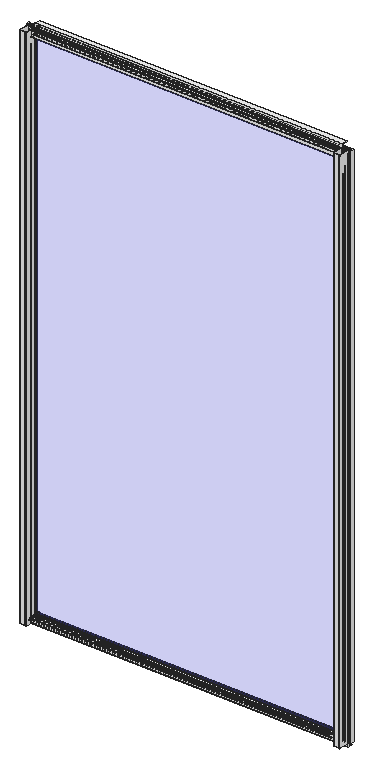
Revit family "Facade_60_Curtain_Wall_E11_Standard", category Windows, host Wall, Revit 2014 (continued)
Types (49, lengths in mm): name | Windload Design | Width | Vertical Profile Length | Quarter Expansion Break | Overall Width | Overall Height | Max Pane Area | Sill Length | Length Sill | Intruderprufe U Value | Intruderprufe SHGC Value | Intruderprufe LowE U Value | Intruderprufe LowE SHGC Value | Intruderprufe Insulated U Value | Intruderprufe Insulated SHGC Value | Intruderprufe Insulated LowE U Value | Intruderprufe Insulated LowE SHGC Value | Horizontal Profile Length | Glazing Width | Glazing Height | Glazing Gap SG | Glazing Gap DG | DG Thickness Calc | DG Thickness | Height | SG Thickness | Custom Curtain Wall Width | Custom Curtain Wall Height | Custom Windload
  F60-E11-1250-1000Pa | 1000 | 1190 | 4960 | no | 1000 | 3000 | 5.4192 m² | 1190 | 1190 | 5.74 | 0.708 | 4.16 | 0.62 | 3.08 | 0.609 | 2.39 | 0.549 | 1070 | 1110.4 | 4880.4 | 2 | 2 | 8 | 6 | 4990 | 10 | 1190 | 4990 | 1000
  F60-E11-1250-1500Pa | 1500 | 1190 | 4960 | no | 1000 | 3000 | 5.4192 m² | 1190 | 1190 | 5.74 | 0.708 | 4.16 | 0.62 | 3.08 | 0.609 | 2.39 | 0.549 | 1070 | 1110.4 | 4880.4 | 2 | 2 | 8 | 6 | 4990 | 10 | 1190 | 4990 | 1500
  F60-E11-1250-2000Pa | 2000 | 1190 | 4960 | no | 1000 | 3000 | 5.4192 m² | 1190 | 1190 | 5.74 | 0.708 | 4.16 | 0.62 | 3.08 | 0.609 | 2.39 | 0.549 | 1070 | 1110.4 | 4880.4 | 2 | 2 | 8 | 6 | 4990 | 10 | 1190 | 4990 | 2000
  F60-E11-1550-1000Pa | 1000 | 1490 | 4960 | no | 1000 | 3000 | 6.88332 m² | 1490 | 1490 | 5.74 | 0.723 | 4.08 | 0.633 | 3 | 0.622 | 2.32 | 0.56 | 1370 | 1410.4 | 4880.4 | 2 | 2 | 10 | 6 | 4990 | 10 | 1490 | 4990 | 1000
  F60-E11-1550-1500Pa | 1500 | 1490 | 4960 | no | 1000 | 3000 | 6.88332 m² | 1490 | 1490 | 5.74 | 0.723 | 4.08 | 0.633 | 3 | 0.622 | 2.32 | 0.56 | 1370 | 1410.4 | 4880.4 | 2 | 2 | 10 | 6 | 4990 | 10 | 1490 | 4990 | 1500
  F60-E11-1550-2000Pa | 2000 | 1490 | 4960 | no | 1000 | 3000 | 6.88332 m² | 1490 | 1490 | 5.74 | 0.723 | 4.08 | 0.633 | 3 | 0.622 | 2.32 | 0.56 | 1370 | 1410.4 | 4880.4 | 2 | 2 | 10 | 6 | 4990 | 10 | 1490 | 4990 | 2000
  F60-E11-1850-1000Pa | 1000 | 1790 | 4960 | no | 1000 | 3000 | 8.34744 m² | 1790 | 1790 | 5.75 | 0.733 | 4.02 | 0.642 | 2.96 | 0.63 | 2.27 | 0.568 | 1670 | 1710.4 | 4880.4 | 2 | 2 | 10 | 6 | 4990 | 10 | 1790 | 4990 | 1000
  F60-E11-1850-1500Pa | 1500 | 1790 | 4960 | no | 1000 | 3000 | 8.34744 m² | 1790 | 1790 | 5.75 | 0.733 | 4.02 | 0.642 | 2.96 | 0.63 | 2.27 | 0.568 | 1670 | 1710.4 | 4880.4 | 2 | 2 | 10 | 6 | 4990 | 10 | 1790 | 4990 | 1500
  F60-E11-1850-2000Pa | 2000 | 1790 | 4960 | no | 1000 | 3000 | 8.34744 m² | 1790 | 1790 | 5.75 | 0.733 | 4.02 | 0.642 | 2.96 | 0.63 | 2.27 | 0.568 | 1670 | 1710.4 | 4880.4 | 2 | 2 | 10 | 6 | 4990 | 10 | 1790 | 4990 | 2000
  F60-E11-2150-1000Pa | 1000 | 2090 | 4960 | no | 1000 | 3000 | 9.81156 m² | 2090 | 2090 | 5.75 | 0.74 | 3.99 | 0.648 | 2.94 | 0.636 | 2.23 | 0.573 | 1970 | 2010.4 | 4880.4 | 2 | 2 | 10 | 6 | 4990 | 10 | 2090 | 4990 | 1000
  F60-E11-2150-1500Pa | 1500 | 2090 | 4960 | no | 1000 | 3000 | 9.81156 m² | 2090 | 2090 | 5.75 | 0.74 | 3.99 | 0.648 | 2.94 | 0.636 | 2.23 | 0.573 | 1970 | 2010.4 | 4880.4 | 2 | 2 | 10 | 6 | 4990 | 10 | 2090 | 4990 | 1500
  F60-E11-2150-2000Pa | 2000 | 2090 | 4960 | no | 1000 | 3000 | 9.81156 m² | 2090 | 2090 | 5.75 | 0.74 | 3.99 | 0.648 | 2.94 | 0.636 | 2.23 | 0.573 | 1970 | 2010.4 | 4880.4 | 2 | 2 | 10 | 6 | 4990 | 10 | 2090 | 4990 | 2000
  F60-E11-2450-1000Pa | 1000 | 2390 | 4960 | no | 1000 | 3000 | 11.2757 m² | 2390 | 2390 | 5.75 | 0.745 | 3.96 | 0.653 | 2.92 | 0.641 | 2.21 | 0.577 | 2270 | 2310.4 | 4880.4 | 2 | 2 | 10 | 6 | 4990 | 10 | 2390 | 4990 | 1000
  F60-E11-2450-1500Pa | 1500 | 2390 | 4960 | no | 1000 | 3000 | 11.2757 m² | 2390 | 2390 | 5.75 | 0.745 | 3.96 | 0.653 | 2.92 | 0.641 | 2.21 | 0.577 | 2270 | 2310.4 | 4880.4 | 2 | 2 | 10 | 6 | 4990 | 10 | 2390 | 4990 | 1500
  F60-E11-2450-2000Pa | 2000 | 2390 | 4960 | no | 1000 | 3000 | 11.2757 m² | 2390 | 2390 | 5.75 | 0.745 | 3.96 | 0.653 | 2.92 | 0.641 | 2.21 | 0.577 | 2270 | 2310.4 | 4880.4 | 2 | 2 | 10 | 6 | 4990 | 10 | 2390 | 4990 | 2000
  F60-E11-2750-1000Pa | 1000 | 2690 | 4960 | no | 1000 | 3000 | 12.7398 m² | 2690 | 2690 | 5.75 | 0.75 | 3.94 | 0.656 | 2.9 | 0.644 | 2.19 | 0.58 | 2570 | 2610.4 | 4880.4 | 2 | 2 | 10 | 6 | 4990 | 10 | 2690 | 4990 | 1000
  F60-E11-2750-1500Pa | 1500 | 2690 | 4960 | no | 1000 | 3000 | 12.7398 m² | 2690 | 2690 | 5.75 | 0.75 | 3.94 | 0.656 | 2.9 | 0.644 | 2.19 | 0.58 | 2570 | 2610.4 | 4880.4 | 2 | 2 | 10 | 6 | 4990 | 10 | 2690 | 4990 | 1500
  F60-E11-2750-2000Pa | 2000 | 2690 | 4960 | no | 1000 | 3000 | 12.7398 m² | 2690 | 2690 | 5.75 | 0.75 | 3.94 | 0.656 | 2.9 | 0.644 | 2.19 | 0.58 | 2570 | 2610.4 | 4880.4 | 2 | 2 | 10 | 6 | 4990 | 10 | 2690 | 4990 | 2000
  F60-E11-3050-1000Pa | 1000 | 2990 | 4960 | no | 1000 | 3000 | 14.2039 m² | 2990 | 2990 | 5.75 | 0.753 | 3.92 | 0.659 | 2.89 | 0.647 | 2.17 | 0.583 | 2870 | 2910.4 | 4880.4 | 2 | 2 | 10 | 6 | 4990 | 10 | 2990 | 4990 | 1000
  F60-E11-3050-1500Pa | 1500 | 2990 | 4960 | no | 2990 | 4990 | 14.2039 m² | 2990 | 2990 | 5.75 | 0.753 | 3.92 | 0.659 | 2.89 | 0.647 | 2.17 | 0.583 | 2870 | 2910.4 | 4880.4 | 2 | 2 | 10 | 6 | 4990 | 10 | 2990 | 4990 | 1500
  F60-E11-3050-2000Pa | 2000 | 2990 | 4960 | yes | 2990 | 4990 | 14.2039 m² | 2990 | 2990 | 5.75 | 0.753 | 3.92 | 0.659 | 2.89 | 0.647 | 2.17 | 0.583 | 2870 | 2910.4 | 4880.4 | 2 | 2 | 10 | 6 | 4990 | 10 | 2990 | 4990 | 2000
